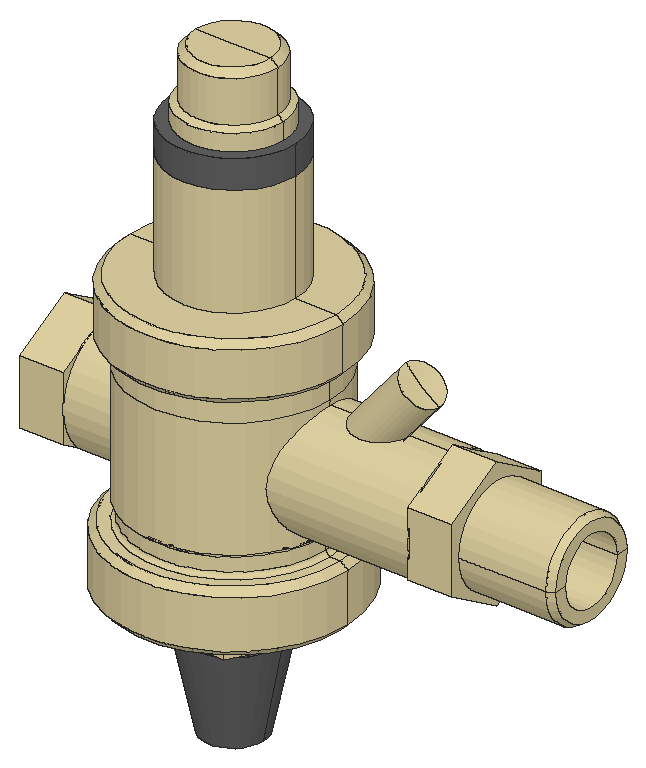
Revit family "Cim1110", category Apparecchi idraulici, Revit 2020
Family settings
  Quota connettore circolare = Usa diametro
  Tipo di parte = Normale
  Numero OmniClass = 23.45.00.00
  Titolo OmniClass = Sanitary, Laundry, and Cleaning Equipment
  Basato su piano di lavoro = No
  Sempre verticale = Sì
  Taglio con vuoti quando caricato = No
  Condiviso = No
  Punto di calcolo locali = No
Parameters
  URL = "https://web.cimberio.com/index.php/figura/897?subcategoria_id="
  Temperatura di esercizio = "0 ÷ 80°C"
  Prospetto di default = 0 mm
  Produttore = "CIMBERIO SPA"
  Pressione nominale = "PN 10"
  Modello = "Cim 1110"
  Materiale = "Prodotto in lega di ottone conforme alla norma EN 12165-CW617N-DW"
  Descrizione = "Realizzato in ottemperanza ai requisiti gestionali della norma EN ISO 9001.\r\nUtilizzato per la regolazione della temperatura degli ambienti e comandare apparecchi degli impianti di riscaldamento e condizionamento."
  DN [instance] = 15 mm
  Commenti sul tipo = "Utilizzato nei più svariati settori dell'impiantistica: impianti di riscaldamento, condizionamento, idrici, igienico-sanitari, aria compressa e in generale con ogni fluido non corrosivo"
  Campo di regolazione [instance] = "0,5 ÷ 4 bar"
Reference planes
  plane 1 "Centro (Fronte/Retro)": y = 0
  plane 2: z = 0
  plane 3 "Centro (Sinistra/Destra)": x = 0
Dimensions and locks
  aligned and locked: level to plane 2
Nested families
  nested 1: "Cim1110_1.2" at (0, 0, 0), type "Cim1110_1.2"
Connectors
  piping at (81.5, 0, 0), diameter 15, driven by "DN"
    settings: on nested 1, index 1, connector inside diameter 609.6 mm, connector length 0 mm, flow factor 0, pipe flow 0.0 L/s, pressure drop 0.0 Pa, fitting loss kfactor 0, connector angle 0.00°, fixture units 0, engagement length 0 mm, angle of deflection 0.00°, flow configuration 0, flow direction 0, fitting loss method 0, system type 7, joint type 0, gender type 0, connector reference index -1, connector utility 0, adjustable connector no, is connector primary yes, connector description ""
  piping at (-38.5, 0, 0), diameter 15, driven by "DN"
    settings: on nested 1, index 2, connector inside diameter 609.6 mm, connector length 0 mm, flow factor 0, pipe flow 0.0 L/s, pressure drop 0.0 Pa, fitting loss kfactor 0, connector angle 0.00°, fixture units 0, engagement length 0 mm, angle of deflection 0.00°, flow configuration 0, flow direction 0, fitting loss method 0, system type 7, joint type 0, gender type 0, connector reference index -1, connector utility 0, adjustable connector no, is connector primary no, connector description ""
Definition of nested family "Cim1110_1.2"
  Parameters (values of type "Cim1110_1.2")
    Default Elevation = 0 mm
  Reference planes
    plane 1 "Centro (Fronte/Retro)": y = 0
    plane 2: z = 0
    plane 3 "Centro (Sinistra/Destra)": x = 0
  Forms (mm)
    Revolve 1, solid
      sketch origin (0, 0, 0) x (1, 0, 0) y (0, 0, 1)
        loop
          line (-7.5, 32) -> (-23.5, 32) -> (-25, 30.5) -> (-25, 20.5) -> (-23.5, 19) -> (-22, 19) -> (-22, 13.99) -> (-22, -13)
          arc (-22, -13) -> (-21.292, -13.266) -> (-21, -13.963) r 0.954
          line (-21, -13.963) -> (-21, -17)
          arc (-21, -17) -> (-21.293, -17.707) -> (-22, -18) r 1
          line (-22, -18) -> (-24.5, -18) -> (-26, -19.5) -> (-26, -30.5) -> (-24.5, -32) -> (-7.5, -32) -> (-7.5, 32)
        axis (0, 32) -> (0, -32)
      angle from 0 to 360
    Revolve 2, solid
      sketch origin (0, 0, 0) x (1, 0, 0) y (0, 0, 1)
        loop
          line (0, 79) -> (-8.5, 79) -> (-10, 77.5) -> (-10, 68) -> (-11.5, 67.134) -> (-11.5, 57) -> (-14.15, 57) -> (-14.15, 32) -> (0, 32) -> (0, 79)
        axis (0, 79) -> (0, 32)
      angle from 0 to 360
    Extrusion 3, solid
      sketch origin (0, 0, 0) x (0, 1, 0) y (0, 0, 1)
        loop
          circle (0, 0) r 7.5
        loop
          line (0, 14.65) -> (-12.687, 7.325) -> (-12.687, -7.325) -> (0, -14.65) -> (12.687, -7.325) -> (12.687, 7.325) -> (0, 14.65)
      from -38.5 to -28.5
    Extrusion 4, solid
      sketch origin (21.416, 0, 0) x (0, 1, 0) y (0, 0, -1)
        loop
          circle (0, 0) r 7.5
        loop
          line (0, -14.65) -> (12.687, -7.325) -> (12.687, 7.325) -> (0, 14.65) -> (-12.687, 7.325) -> (-12.687, -7.325) -> (0, -14.65)
      from -38.5 to -28.5
    Revolve 5, solid
      sketch origin (0, 0, 0) x (1, 0, 0) y (0, 0, 1)
        loop
          line (-28.5, 13) -> (-28.5, 7.5) -> (-11.586, 7.5) -> (-11.586, 13) -> (-28.5, 13)
        axis (-28.5, 0) -> (-11.586, 0)
      angle from 0 to 360
    Revolve 6, solid
      sketch origin (0, 0, 0) x (-1, 0, 0) y (0, 0, 1)
        loop
          line (-50.078, 13) -> (-50.078, 7.5) -> (-8.457, 7.5) -> (-8.457, 13) -> (-50.078, 13)
        axis (-50.078, 0) -> (-8.457, 0)
      angle from 0 to 360
    Extrusion 7, solid
      sketch origin (0, 0, 0) x (1, 0, 0) y (0, 1, 0)
        loop
          line (12, 0) -> (6, 10.392) -> (-6, 10.392) -> (-12, 0) -> (-6, -10.392) -> (6, -10.392) -> (12, 0)
      from -40 to -32
    Revolve 8, solid
      sketch origin (0, 0, 0) x (1, 0, 0) y (0, 0, 1)
        loop
          line (0, -61) -> (6.814, -61) -> (11.277, -40) -> (0, -40) -> (0, -61)
        axis (0, -40) -> (0, -61)
      angle from 0 to 360
    Extrusion 9, solid
      sketch origin (0, 0, 0) x (1, 0, 0) y (0, 1, 0)
        loop
          circle (0, 0) r 11.5
        loop
          circle (0, 0) r 14.15
      from 57 to 63.5
    Revolve 10, solid
      sketch origin (0, 0, 0) x (1, 0, 0) y (0, 1, 0)
        loop
          line (59.916, 10.981) -> (59.916, 7.5) -> (81.5, 7.5) -> (81.5, 10.071) -> (79.924, 10.981) -> (59.916, 10.981)
        axis (59.916, 0) -> (81.5, 0)
      angle from 0 to 360
    Revolve 11, solid
      sketch origin (0, 0, 0) x (1, 0, 0) y (0, 0, 1)
        loop
          line (42.753, 24.098) -> (39.217, 27.634) -> (23.086, 8.41) -> (26.622, 4.874) -> (42.753, 24.098)
        axis (26.622, 4.874) -> (43.033, 24.432)
      angle from 0 to 360
  Dimensions and locks
    aligned and locked: level to plane 2
